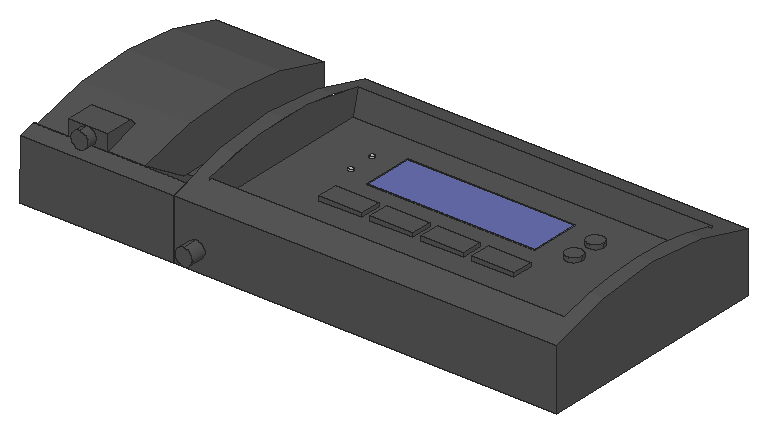
Revit family "Electronics_Wall-Stations_Biamp_Vocia_Emergency-Wall-Paging-Station_EWS-4_10__", category Communication Devices, host Face, Revit 2020
Family settings
  Host = Face
  Maintain Annotation Orientation = No
  Round Connector Dimension = Use Diameter
  Part Type = Normal
  OmniClass Number = 23.85.10.11.14
  OmniClass Title = Audio Equipment
  Cut with Voids When Loaded = No
  Shared = No
  Room Calculation Point = No
Parameters (values of type "EWS-4")
  Width = 0' - 11.9"
  Weight = 2.60 lbf
  Voltage = 0 V
  THD+N = "100Hz ~ 8kHz: <0.05%"  # constant formula
  System Headroom = "18dB"  # constant formula
  Sample Rate = "48kHz"  # constant formula
  RS-232 = "57600 kbps"  # constant formula
  Product data url = "https://www.bimobject.com/biamp/product/vocia-ews-4_wall-station"
  Power Factor = 1
  PTT = "Switch contact between pin and ground "  # constant formula
  Number of Poles = 1
  Network Connection = "RJ-45 with shielded Ethernet (CAT5, CAT5e, CAT6 or CAT7"  # constant formula
  Microphone Type = "Noise cancelling dynamic microphone with dual transducer (monitored)"  # constant formula
  Microphone Pattern = "Cardioid"  # constant formula
  Microphone Frequency Response = "100Hz-10kHz"  # constant formula
  Microphone Cord Length = 4' - 0"  # constant formula
  Maximum Input = "125dB SPL"  # constant formula
  Max Power Consumption = 0 W
  Input Impedance = "3 kohm"  # constant formula
  Humidity = "0-95% relative humidity (non-condensing)"  # constant formula
  Housing Material = Biamp - Plastic - Black
  Height = 0' - 5.3"
  Gain = "Adjustable in 1dB steps over a 30dB range"  # constant formula
  Frequency Response = "100Hz ~ 20kHz: +0, -1dB"  # constant formula
  Effective Input Headroom = "30dB"  # constant formula
  EWS-4 = yes
  EWS-10 = no
  URL = "https://www.biamp.com/"
  Temperature Range = "23 - 104° F (-5 – 40° C) "  # constant formula
  Product Page URL = "https://www.biamp.com/products/product-families/vocia/vocia-wall-stations#vocia-ews-4"
  Product Documentation Link = "https://downloads.biamp.com/assets/docs/default-source/data-sheets/biamp_data_sheet_vocia_ews-4_oct18.pdf"
  Model = "Vocia EWS-4"
  Manufacturer = "Biamp"  # constant formula
  Description = "Vocia® EWS-4 Emergency Wall Paging Station"
  Depth = 0' - 1.9"
  Default Elevation = 4' - 0"
  Connector Description = "PoE 802.3af Class 2 "  # constant formula
  Compliance = "EN 54-16 certified CE marked (Europe) RCM (Australia) EAC (Eurasian Customs Union) RINA (Italy) RoHS Directive (Europe) EN 60849, AS 60849 verified\r"  # constant formula
  Balanced Line In = "-10dB Nominal"  # constant formula
  Apparent Load = Max Power Consumption / Power Factor  # 0 VA
  Altitude = "0-10,000 ft (0-3000m) MSL"  # constant formula
  A/D Converters = "24-bit"  # constant formula
  12V DC Out = "50mA"  # constant formula
Reference planes (in)
  plane 1 "Center (Front/Back)": y = 0
  plane 2: z = 0
  plane 3 "Center (Left/Right)": x = 0
  plane 4: x = -5.95
  plane 5: x = 5.95
  plane 6: y = 2.65
  plane 7: y = -2.65
  plane 8: z = 1.9
Forms (in)
  Extrusion 1, solid, material "Biamp - Plastic - Black" <- "Housing Material", detail levels fine
    sketch origin (0, 0, 0) x (0, 1, 0) y (0, 0, 1)
      loop
        line (2.65, 0.0625) -> (2.65, 0.36) -> (-0.45, 0.36) -> (-2.28, 1.5) -> (-2.65, 1.4) -> (-2.65, 0.0625) -> (2.65, 0.0625)
    from -5.95 to -2.55
  Extrusion 2, solid, material "Biamp - Plastic - Black" <- "Housing Material", visible <- "EWS-4", detail levels fine
    sketch origin (0, 0, 0) x (0, 1, 0) y (0, 0, 1)
      loop
        line (-2.65, 0.0625) -> (2.65, 0.0625) -> (2.65, 1.4)
        arc (2.65, 1.4) -> (0, 1.9) -> (-2.65, 1.4) r 7.2725
        line (-2.65, 1.4) -> (-2.65, 0.0625)
    from -2.55 to 5.95
  Blend 3, void
    base sketch origin (0, 0, 0) x (1, 0, 0) y (0, 1, 0)
      loop
        line (-2.23, 2.17) -> (-2.23, -2.17) -> (5.63, -2.17) -> (5.63, 2.17) -> (-2.23, 2.17)
    top sketch origin (0, 0, 0) x (1, 0, 0) y (0, 1, 0)
      loop
        line (-2.23, 1.92) -> (-2.23, -1.92) -> (5.63, -1.92) -> (5.63, 1.92) -> (-2.23, 1.92)
    from 2.10853 to 1.073
  Extrusion 4, solid, material "Biamp - Plastic - Black" <- "Housing Material", detail levels fine
    sketch origin (0, 0, 0) x (0, 1, 0) y (0, 0, 1)
      loop
        line (2.65, 0.36) -> (2.65, 1.4)
        arc (2.65, 1.4) -> (0.19407, 1.89731) -> (-2.28, 1.5) r 7.01705
        line (-2.28, 1.5) -> (-1.22751, 0.84435) -> (0.2688, 0.84435)
        arc (0.2688, 0.84435) -> (0.55249, 0.72684) -> (0.67, 0.44315) r 0.4012
        line (0.67, 0.44315) -> (0.67, 0.36) -> (2.65, 0.36)
    from -5.84906 to -3.47
  Extrusion 5, solid, material "Biamp - Plastic - Blue", visible <- "EWS-4", detail levels medium+fine
    sketch origin (0.02, 0, 0) x (1, 0, 0) y (0, 1, 0)
      loop
        line (-0.58, 1.34) -> (-0.58, 0.21) -> (3.1394, 0.21) -> (3.1394, 1.34) -> (-0.58, 1.34)
    from 1.00943 to 1.073
  Extrusion 6, void
    sketch origin (0.02, 0, 0) x (1, 0, 0) y (0, 1, 0)
      loop
        line (-0.58, 0.21) -> (3.1394, 0.21) -> (3.1394, 1.34) -> (-0.58, 1.34) -> (-0.58, 0.21)
    from 1.00943 to 1.073
  Extrusion 7, solid, material "Biamp - Plastic - Black" <- "Housing Material", visible <- "EWS-4", detail levels medium+fine
    sketch origin (0, 0, 1.073) x (1, 0, 0) y (0, 1, 0)
      loop
        line (-0.85, -0.29) -> (-0.85, -0.76) -> (0.1, -0.76) -> (0.1, -0.29) -> (-0.85, -0.29)
      loop
        line (0.28, -0.76) -> (1.23, -0.76) -> (1.23, -0.29) -> (0.28, -0.29) -> (0.28, -0.76)
      loop
        line (1.41, -0.76) -> (2.36, -0.76) -> (2.36, -0.29) -> (1.41, -0.29) -> (1.41, -0.76)
      loop
        line (2.54, -0.76) -> (3.49, -0.76) -> (3.49, -0.29) -> (2.54, -0.29) -> (2.54, -0.76)
    from 0 to 0.08451
  Extrusion 8, solid, material "Biamp - Plastic - Black" <- "Housing Material", visible <- "EWS-4", detail levels medium+fine
    sketch origin (1.75953, 1.23204, 1.073) x (1, 0, 0) y (0, 1, 0)
      loop
        circle (2.10047, -0.20704) r 0.18
      loop
        circle (2.10047, -0.79704) r 0.18
    from 0 to 0.08451
  Extrusion 9, solid, material "Biamp - Plastic - Gray", visible <- "EWS-4", detail levels fine
    sketch origin (1.01047, 1.23204, 1.073) x (-1, 0, 0) y (0, -1, 0)
      loop
        circle (2.10047, 0.20704) r 0.05
      loop
        circle (2.10047, 0.79704) r 0.05
    from 0 to 0.02401
  Extrusion 10, void
    sketch origin (0, 0, 0) x (1, 0, 0) y (0, 0, 1)
      loop
        line (-5.39351, 0.36) -> (-5.39351, 0.31544)
        arc (-5.39351, 0.31544) -> (-5.35804, 0.22983) -> (-5.27243, 0.19437) r 0.12108
        line (-5.27243, 0.19437) -> (-4.04665, 0.19437)
        arc (-4.04665, 0.19437) -> (-3.96102, 0.22983) -> (-3.92555, 0.31546) r 0.12109
        line (-3.92555, 0.31546) -> (-3.92555, 0.36) -> (-3.47, 0.36) -> (-3.47, 0.44315) -> (-5.84906, 0.44315) -> (-5.84906, 0.36) -> (-5.39351, 0.36)
    from -2.65 to -0.67
  Extrusion 11, solid, material "Biamp - Plastic - Black" <- "Housing Material", detail levels medium
    sketch origin (-5.95, 0, 0) x (0, -1, 0) y (0, 0, 1)
      loop
        line (-2.65, 0.36) -> (-2.65, 0.0625) -> (2.65, 0.0625) -> (2.65, 1.4) -> (2.11947, 1.4) -> (0.45, 0.36) -> (-2.65, 0.36)
    from -3.4 to 0
  Extrusion 12, solid, material "Biamp - Plastic - Black" <- "Housing Material", detail levels medium
    sketch origin (-5.95, 0, 0) x (0, -1, 0) y (0, 0, 1)
      loop
        line (-0.67, 0.36) -> (-0.67, 0.84435) -> (1.22751, 0.84435) -> (2.11947, 1.4) -> (2.65, 1.4) -> (2.65, 1.9) -> (-2.65, 1.9) -> (-2.65, 0.36) -> (-0.67, 0.36)
    from -2.48 to -0.10094
  Extrusion 13, solid, material "Biamp - Plastic - Black" <- "Housing Material", visible <- "EWS-10", detail levels medium
    sketch origin (0, 0, 0) x (0, 1, 0) y (0, 0, 1)
      loop
        line (-2.65, 0.0625) -> (2.65, 0.0625) -> (2.65, 1.9) -> (-2.65, 1.9) -> (-2.65, 0.0625)
    from -2.55 to 5.95
  Extrusion 14, solid, material "Biamp - Plastic - Black" <- "Housing Material", detail levels coarse
    sketch origin (-5.95, 0, 0) x (0, -1, 0) y (0, 0, 1)
      loop
        line (-2.65, 0.0625) -> (2.65, 0.0625) -> (2.65, 0.84435) -> (-2.65, 0.84435) -> (-2.65, 0.0625)
    from -3.4 to 0
  Extrusion 15, solid, material "Biamp - Plastic - Black" <- "Housing Material", detail levels coarse
    sketch origin (-5.95, 0, 0) x (0, -1, 0) y (0, 0, 1)
      loop
        line (-2.65, 1.9) -> (-2.65, 0.84435) -> (2.65, 0.84435) -> (2.65, 1.9) -> (-2.65, 1.9)
    from -2.48 to 0
  Extrusion 16, solid, material "Biamp - Plastic - Black" <- "Housing Material", detail levels coarse
    sketch origin (-5.95, 0, 0) x (0, -1, 0) y (0, 0, 1)
      loop
        line (-2.65, 1.9) -> (-2.65, 0.0625) -> (2.65, 0.0625) -> (2.65, 1.9) -> (-2.65, 1.9)
    from -11.9 to -3.4
  Extrusion 17, solid, material "Biamp - Plastic - Black" <- "Housing Material", visible <- "EWS-10", detail levels fine
    sketch origin (0, 0, 0) x (0, 1, 0) y (0, 0, 1)
      loop
        line (-2.65, 0.0625) -> (2.65, 0.0625) -> (2.65, 1.4)
        arc (2.65, 1.4) -> (0, 1.9) -> (-2.65, 1.4) r 7.2725
        line (-2.65, 1.4) -> (-2.65, 0.0625)
    from -2.55 to 5.95
  Extrusion 18, solid, material "Biamp - Plastic - Blue", visible <- "EWS-10", detail levels medium+fine
    sketch origin (0.02, 0.407, 0) x (1, 0, 0) y (0, 1, 0)
      loop
        line (-0.58, 1.34) -> (-0.58, 0.21) -> (3.1394, 0.21) -> (3.1394, 1.34) -> (-0.58, 1.34)
    from 1.00943 to 1.073
  Extrusion 19, void
    sketch origin (0, 0.09617, 1.073) x (1, 0, 0) y (0, 1, 0)
      loop
        line (-0.56, 1.65083) -> (-0.56, 0.52083) -> (3.1594, 0.52083) -> (3.1594, 1.65083) -> (-0.56, 1.65083)
    from -0.06357 to 0
  Extrusion 20, solid, material "Biamp - Plastic - Black" <- "Housing Material", visible <- "EWS-10", detail levels medium+fine
    sketch origin (1.75953, 1.68079, 1.073) x (1, 0, 0) y (0, 1, 0)
      loop
        circle (2.10047, -0.20704) r 0.18
      loop
        circle (2.10047, -0.79704) r 0.18
    from 0 to 0.08451
  Extrusion 21, solid, material "Biamp - Plastic - Gray", visible <- "EWS-10", detail levels fine
    sketch origin (1.01047, 1.68079, 1.073) x (-1, 0, 0) y (0, -1, 0)
      loop
        circle (2.10047, 0.20704) r 0.05
      loop
        circle (2.10047, 0.79704) r 0.05
    from 0 to 0.02401
  Extrusion 22, solid, material "Biamp - Plastic - Black" <- "Housing Material", visible <- "EWS-4", detail levels medium
    sketch origin (0, 0, 0) x (0, 1, 0) y (0, 0, 1)
      loop
        line (-2.65, 0.0625) -> (2.65, 0.0625) -> (2.65, 1.9) -> (-2.65, 1.9) -> (-2.65, 0.0625)
    from -2.55 to 5.95
  Extrusion 23, solid, material "Biamp - Plastic - Black" <- "Housing Material", visible <- "EWS-10", detail levels medium+fine
    sketch origin (0, 0.62196, 1.073) x (1, 0, 0) y (0, 1, 0)
      loop
        line (-0.232, -0.16809) -> (-0.232, -0.63809) -> (0.718, -0.63809) -> (0.718, -0.16809) -> (-0.232, -0.16809)
      loop
        line (0.903, -0.63809) -> (1.853, -0.63809) -> (1.853, -0.16809) -> (0.903, -0.16809) -> (0.903, -0.63809)
      loop
        line (2.038, -0.63809) -> (2.988, -0.63809) -> (2.988, -0.16809) -> (2.038, -0.16809) -> (2.038, -0.63809)
      loop
        line (-0.232, -0.78709) -> (-0.232, -1.25709) -> (0.718, -1.25709) -> (0.718, -0.78709) -> (-0.232, -0.78709)
      loop
        line (0.903, -1.25709) -> (1.853, -1.25709) -> (1.853, -0.78709) -> (0.903, -0.78709) -> (0.903, -1.25709)
      loop
        line (2.038, -1.25709) -> (2.988, -1.25709) -> (2.988, -0.78709) -> (2.038, -0.78709) -> (2.038, -1.25709)
      loop
        line (-0.232, -1.40609) -> (-0.232, -1.87609) -> (0.718, -1.87609) -> (0.718, -1.40609) -> (-0.232, -1.40609)
      loop
        line (0.903, -1.87609) -> (1.853, -1.87609) -> (1.853, -1.40609) -> (0.903, -1.40609) -> (0.903, -1.87609)
      loop
        line (2.038, -1.87609) -> (2.988, -1.87609) -> (2.988, -1.40609) -> (2.038, -1.40609) -> (2.038, -1.87609)
      loop
        line (0.903, -2.49509) -> (1.853, -2.49509) -> (1.853, -2.02509) -> (0.903, -2.02509) -> (0.903, -2.49509)
    from 0 to 0.08451
  Extrusion 24, solid, material "Biamp - Plastic - Black" <- "Housing Material", detail levels fine
    sketch origin (0, -2.65, 0) x (0, 0, 1) y (-1, 0, 0)
      loop
        circle (0.5055, 2.05) r 0.187
    from 0 to 0.3386
  Extrusion 25, solid, material "Biamp - Plastic - Black" <- "Housing Material", detail levels fine
    sketch origin (-5.95, 0, 0) x (0, -1, 0) y (0, 0, 1)
      loop
        arc (1.51671, 1.72121) -> (1.90149, 1.62142) -> (2.28, 1.5) r 7.01705
        line (2.28, 1.5) -> (2.28, 1.846) -> (1.6415, 1.846) -> (1.51671, 1.72121)
    from -1.64 to -0.78
  Extrusion 26, solid, material "Biamp - Plastic - Black" <- "Housing Material", detail levels fine
    sketch origin (-2.71067, -2.65, 1.21468) x (0, 0, 1) y (-1, 0, 0)
      loop
        circle (0.443, 2.05) r 0.187
    from -0.37 to -0.15678
Cuts and joins
  Extrusion 10 cuts Extrusion 1
  Blend 3, Extrusion 6 cuts Extrusion 2
  Blend 3, Extrusion 19 cuts Extrusion 13
  Blend 3 cuts Extrusion 5
  Blend 3, Extrusion 19 cuts Extrusion 17
  Blend 3, Extrusion 6 cuts Extrusion 22
Lines and regions (in)
  Masking region 1, detail levels fine
    outline origin (0, 0, 0) x (1, 0, 0) y (0, 0, 1)
      loop
        line (5.95, 0.0625) -> (5.95, 1.9) -> (5.63, 1.9) -> (5.63, 1.60551) -> (-2.23, 1.60551) -> (-2.23, 1.9) -> (-2.55, 1.9) -> (-2.55, 1.5) -> (-3.47, 1.5) -> (-3.47, 1.89875) -> (-5.84906, 1.89875) -> (-5.84906, 1.5) -> (-5.95, 1.5) -> (-5.95, 0.0625) -> (-5.75, 0.0625) -> (-5.75, 0) -> (5.75, 0) -> (5.75, 0.0625) -> (5.95, 0.0625)
  Masking region 2, detail levels coarse+medium
    outline origin (0, 0, 0) x (1, 0, 0) y (0, 0, 1)
      loop
        line (5.95, 0.0625) -> (5.95, 1.9) -> (-2.55, 1.9) -> (-2.55, 1.4) -> (-3.47, 1.4) -> (-3.47, 1.9) -> (-5.95, 1.9) -> (-5.95, 0.0625) -> (-5.75, 0.0625) -> (-5.75, 0) -> (5.75, 0) -> (5.75, 0.0625) -> (5.95, 0.0625)
  symbolic lines, detail levels medium+fine
    curve 1: line (-2.55, 0, 1.4) -> (5.95, 0, 1.4)
    curve 4: line (-2.55, 0, 0.36) -> (-5.84906, 0, 0.36)
    curve 5: line (-3.47, 0, 0.36) -> (-3.47, 0, 1.89875)
    curve 6: line (-3.47, 0, 1.4) -> (-5.84906, 0, 1.4)
    curve 7: line (-5.84906, 0, 1.89875) -> (-5.84906, 0, 0.36)
    curve 8: line (-3.92555, 0, 0.31546) -> (-3.92555, 0, 0.36)
    curve 9: arc (-4.04665, 0, 0.19437) -> (-3.96102, 0, 0.22983) -> (-3.92555, 0, 0.31546) r 0.12109
    curve 10: line (-5.27243, 0, 0.19437) -> (-4.04665, 0, 0.19437)
    curve 11: arc (-5.39351, 0, 0.31544) -> (-5.35804, 0, 0.22983) -> (-5.27243, 0, 0.19437) r 0.12108
    curve 12: line (-5.39351, 0, 0.36) -> (-5.39351, 0, 0.31544)
  symbolic lines
    curve 2: line (5.75, 0, 0.0625) -> (-5.75, 0, 0.0625)
    curve 3: line (-2.55, 0, 1.9) -> (-2.55, 0, 0.0625)
  symbolic lines, detail levels coarse
    curve 13: line (-3.47, 0, 0.84435) -> (-5.95, 0, 0.84435)
    curve 14: line (-3.47, 0, 1.89875) -> (-3.47, 0, 0.0625)
Dimensions and locks (in)
  equal spacing: plane 4, plane 3 "Center (Left/Right)", plane 5
  "Width": plane 4 to plane 5
  equal spacing: plane 6, plane 1 "Center (Front/Back)", plane 7
  "Height": plane 6 to plane 7
  "Depth": plane 8 to level
  aligned and locked: plane 2 to host face
  aligned and locked: level to host face
  aligned and locked: Extrusion 1 sketch curve to plane 6
  aligned and locked: Extrusion 1 sketch curve to plane 7
  aligned and locked: Extrusion 2 sketch curve to plane 6
  aligned and locked: Extrusion 2 sketch curve to plane 7
  aligned and locked: plane 5 to Extrusion 2
  aligned and locked: Extrusion 4 sketch curve to plane 6
  aligned and locked: Extrusion 6 sketch curve to Extrusion 5
  aligned and locked: Extrusion 5 to Extrusion 6 sketch curve
  aligned and locked: Extrusion 11 to plane 4
  aligned and locked: plane 8 to Extrusion 12 sketch curve
  aligned and locked: Extrusion 13 sketch curve to Extrusion 12  (x2)
  aligned and locked: plane 5 to Extrusion 13
  aligned and locked: cut or joined group of Blend 3, Extrusion 13, Extrusion 19 to Extrusion 14 sketch curve
  aligned and locked: Extrusion 14 sketch curve to plane 7
  aligned and locked: Extrusion 14 to plane 4
  aligned and locked: Extrusion 15 sketch curve to Extrusion 12
  aligned and locked: Extrusion 15 sketch curve to cut or joined group of Blend 3, Extrusion 13, Extrusion 19
  aligned and locked: Extrusion 15 sketch curve to Extrusion 14  (x2)
  aligned and locked: Extrusion 15 to plane 4
  aligned and locked: Extrusion 16 sketch curve to Extrusion 12
  aligned and locked: Extrusion 16 sketch curve to cut or joined group of Blend 3, Extrusion 13, Extrusion 19  (x2)
  aligned and locked: plane 5 to Extrusion 16
  aligned and locked: Extrusion 19 sketch curve to Extrusion 18  (x3)
  aligned and locked: Extrusion 13 to nested 1
  aligned and locked: Extrusion 16 to nested 1
  aligned and locked: Extrusion 14 to nested 1
  aligned and locked: Extrusion 22 to nested 1
  aligned and locked: Masking region 1 sketch curve to cut or joined group of Extrusion 2, Blend 3, Extrusion 6
  aligned and locked: curve 2 to nested 1
  aligned and locked: curve 3 to cut or joined group of Extrusion 2, Blend 3, Extrusion 6
  aligned and locked: curve 4 to cut or joined group of Extrusion 1, Extrusion 10
Automatic sketch dimensions
  host sketch curve to host sketch curve = 8' - 0"  (x2)
  plane 7 to Extrusion 1 sketch curve = 0' - 0.37"
  plane 1 "Center (Front/Back)" to Extrusion 1 sketch curve = 0' - 0.45"
  level to Extrusion 1 sketch curve = 0' - 0.36"
  Extrusion 1 sketch curve to plane 8 = 0' - 0 1/2"
  Extrusion 1 sketch curve to Extrusion 1 sketch curve = 0' - 0.1"
  Extrusion 2 sketch curve to plane 1 "Center (Front/Back)" = 0' - 0"
  Extrusion 2 sketch curve to level = 0' - 5.3725"
  Extrusion 2 sketch curve to plane 8 = 0' - 0 1/2"
  plane 7 to Blend 3 sketch curve = 0' - 0.48"
  Blend 3 sketch curve to plane 3 "Center (Left/Right)" = 0' - 2.23"  (x2)
  Blend 3 sketch curve to plane 5 = 0' - 0.32"  (x2)
  Blend 3 sketch curve to plane 6 = 0' - 0.48"
  plane 7 to Blend 3 sketch curve = 0' - 0.73"
  Blend 3 sketch curve to plane 6 = 0' - 0.73"
  Extrusion 4 sketch curve to plane 1 "Center (Front/Back)" = 0' - 0.67"
  Extrusion 4 sketch curve to plane 1 "Center (Front/Back)" = 0' - 0.2688"
  Extrusion 4 sketch curve to plane 1 "Center (Front/Back)" = 0' - 0.05177"
  plane 1 "Center (Front/Back)" to Extrusion 4 sketch curve = 0' - 1.22751"
  plane 7 to Extrusion 4 sketch curve = 0' - 0.37"
  Extrusion 4 sketch curve to level = 0' - 5.1183"
  level to Extrusion 4 sketch curve = 0' - 0.36"
  Extrusion 4 sketch curve to Extrusion 4 sketch curve = 0' - 0.08315"
  Extrusion 4 sketch curve to plane 8 = 0' - 0 1/2"
  Extrusion 5 sketch curve to plane 1 "Center (Front/Back)" = 0' - 0.21"
  Extrusion 5 sketch curve to plane 3 "Center (Left/Right)" = 0' - 0.56"
  Extrusion 5 sketch curve to plane 5 = 0' - 2.7906"
  Extrusion 5 sketch curve to Extrusion 5 sketch curve = 0' - 1.13"
  Extrusion 6 sketch curve to plane 3 "Center (Left/Right)" = 0' - 0.56"
  Extrusion 6 sketch curve to plane 5 = 0' - 2.7906"
  Extrusion 7 sketch curve to Blend 3 = 0' - 1.38"
  Extrusion 7 sketch curve to Extrusion 7 sketch curve = 0' - 0.95"  (x4)
  Extrusion 7 sketch curve to Extrusion 7 sketch curve = 0' - 0.18"  (x3)
  Extrusion 7 sketch curve to Blend 3 = 0' - 1.16"  (x2)
  Extrusion 7 sketch curve to Extrusion 7 sketch curve = 0' - 0"  (x4)
  Extrusion 7 sketch curve to Extrusion 7 sketch curve = 0' - 0.47"  (x2)
  Extrusion 8 sketch curve to Blend 3 = 0' - 1.77"
  Extrusion 8 sketch curve to Extrusion 8 sketch curve = 0' - 0"
  Extrusion 8 sketch curve to Blend 3 = 0' - 1.485"
  Extrusion 8 sketch curve to Extrusion 8 sketch curve = 0' - 0.59"
  Extrusion 9 sketch curve to Blend 3 = 0' - 1.14"
  Extrusion 9 sketch curve to Extrusion 9 sketch curve = 0' - 0"
  Extrusion 9 sketch curve to Blend 3 = 0' - 0.895"
  Extrusion 9 sketch curve to Extrusion 9 sketch curve = 0' - 0.59"
  plane 4 to Extrusion 10 sketch curve = 0' - 0.10094"
  Extrusion 10 sketch curve to Extrusion 10 sketch curve = 0' - 0.45555"  (x2)
  Extrusion 10 sketch curve to Extrusion 10 sketch curve = 0' - 0 31/256"  (x2)
  level to Extrusion 10 sketch curve = 0' - 0.31546"
  Extrusion 10 sketch curve to Extrusion 10 sketch curve = 0' - 1.22578"
  level to Extrusion 10 sketch curve = 0' - 0.36"
  Extrusion 10 sketch curve to Extrusion 10 sketch curve = 0' - 0.04456"
  Extrusion 10 sketch curve to Extrusion 10 sketch curve = 0' - 0.08315"
  Extrusion 12 sketch curve to Extrusion 12 sketch curve = 0' - 1.89751"
  level to Extrusion 17 sketch curve = 0' - 0 1/16"
  Extrusion 17 sketch curve to plane 7 = 0' - 0"
  Extrusion 17 sketch curve to plane 1 "Center (Front/Back)" = 0' - 0"
  Extrusion 17 sketch curve to plane 6 = 0' - 0"
  Extrusion 17 sketch curve to level = 0' - 5.3725"
  Extrusion 17 sketch curve to plane 8 = 0' - 0 1/2"
  Extrusion 18 sketch curve to plane 3 "Center (Left/Right)" = 0' - 0.56"
  Extrusion 18 sketch curve to plane 1 "Center (Front/Back)" = 0' - 0.617"
  Extrusion 18 sketch curve to plane 5 = 0' - 2.7906"
  Extrusion 18 sketch curve to plane 6 = 0' - 0.903"
  Extrusion 19 sketch curve to Blend 3 = 0' - 2.4706"
  Extrusion 20 sketch curve to Blend 3 = 0' - 1.77"
  Extrusion 20 sketch curve to Extrusion 20 sketch curve = 0' - 0"
  Extrusion 20 sketch curve to Blend 3 = 0' - 1.03625"
  Extrusion 20 sketch curve to Blend 3 = 0' - 0.44625"
  Extrusion 21 sketch curve to Blend 3 = 0' - 1.14"
  Extrusion 21 sketch curve to Extrusion 21 sketch curve = 0' - 0"
  Extrusion 21 sketch curve to Blend 3 = 0' - 0.44625"
  Extrusion 21 sketch curve to Extrusion 21 sketch curve = 0' - 0.59"
  Extrusion 22 sketch curve to plane 7 = 0' - 0"
  Extrusion 22 sketch curve to plane 6 = 0' - 0"
  level to Extrusion 22 sketch curve = 0' - 0 1/16"
  Extrusion 22 sketch curve to plane 8 = 0' - 0"
  Extrusion 23 sketch curve to Blend 3 = 0' - 1.998"
  Extrusion 23 sketch curve to Extrusion 23 sketch curve = 0' - 0"  (x17)
  Extrusion 23 sketch curve to Extrusion 23 sketch curve = 0' - 0.95"  (x4)
  Extrusion 23 sketch curve to Extrusion 23 sketch curve = 0' - 0.185"  (x4)
  Extrusion 23 sketch curve to Blend 3 = 0' - 0 3/64"
  Extrusion 23 sketch curve to Extrusion 23 sketch curve = 0' - 0.47"  (x4)
  Extrusion 23 sketch curve to Extrusion 23 sketch curve = 0' - 0.149"  (x8)
  Extrusion 23 sketch curve to Blend 3 = 0' - 0.66588"
  Extrusion 24 sketch curve to Extrusion 17 = 0' - 0.443"
  Extrusion 17 to Extrusion 24 sketch curve = 0' - 0 1/2"
  Extrusion 25 sketch curve to Extrusion 25 sketch curve = 0' - 0.6385"
  Extrusion 25 sketch curve to Extrusion 25 sketch curve = 0' - 0.12479"  (x2)
  Extrusion 26 sketch curve to Extrusion 17 = 0' - 0.25768"
  Extrusion 26 sketch curve to Extrusion 17 = 0' - 2.21067"
  level to Extrusion 2 sketch curve = 0' - 0 1/16"
  level to Extrusion 11 sketch curve = 0' - 0 1/16"
  Extrusion 11 sketch curve to plane 6 = 0' - 0"
  Extrusion 11 sketch curve to plane 7 = 0' - 0"
  plane 1 "Center (Front/Back)" to Extrusion 11 sketch curve = 0' - 0.45"
  plane 7 to Extrusion 11 sketch curve = 0' - 0.53053"
  Extrusion 11 sketch curve to Extrusion 11 sketch curve = 0' - 0.2975"
  Extrusion 11 sketch curve to plane 8 = 0' - 0 1/2"
  Extrusion 12 sketch curve to plane 6 = 0' - 0"
  Extrusion 12 sketch curve to plane 7 = 0' - 0"
  Extrusion 12 sketch curve to plane 1 "Center (Front/Back)" = 0' - 0.67"
  plane 7 to Extrusion 12 sketch curve = 0' - 0.53053"
  Extrusion 12 sketch curve to plane 8 = 0' - 0 1/2"
  level to Extrusion 12 sketch curve = 0' - 0.84435"
  level to Extrusion 12 sketch curve = 0' - 0.36"
  Extrusion 13 sketch curve to plane 7 = 0' - 0"
  level to Extrusion 13 sketch curve = 0' - 0 1/16"
  level to Extrusion 14 sketch curve = 0' - 0 1/16"
  Extrusion 14 sketch curve to Extrusion 14 sketch curve = 0' - 0.78185"
  level to Extrusion 16 sketch curve = 0' - 0 1/16"
  Extrusion 25 sketch curve to plane 1 "Center (Front/Back)" = 0' - 0.05177"
  Extrusion 25 sketch curve to plane 8 = 0' - 0.17879"
  plane 7 to Extrusion 25 sketch curve = 0' - 1.13329"
  Extrusion 25 sketch curve to Extrusion 25 sketch curve = 0' - 0.346"
  level to Extrusion 1 sketch curve = 0' - 0 1/16"
  Masking region 1 sketch curve to plane 4 = 0' - 0"
  Masking region 1 sketch curve to level = 0' - 0"
  Masking region 1 sketch curve to plane 8 = 0' - 0"  (x2)
  Masking region 1 sketch curve to Masking region 1 sketch curve = 0' - 0.10094"
  level to Masking region 1 sketch curve = 0' - 0 1/16"  (x2)
  Masking region 1 sketch curve to Masking region 1 sketch curve = 0' - 0.2"
  Masking region 1 sketch curve to plane 8 = 0' - 0.4"  (x2)
  Masking region 1 sketch curve to Masking region 1 sketch curve = 0' - 2.37906"
  Masking region 1 sketch curve to Masking region 1 sketch curve = 0' - 0.92"
  Masking region 1 sketch curve to Masking region 1 sketch curve = 0' - 0.32"
  Masking region 1 sketch curve to plane 5 = 0' - 0.32"
  Masking region 1 sketch curve to plane 5 = 0' - 0.2"
  Masking region 1 sketch curve to plane 8 = 0' - 0.29449"
  Masking region 1 sketch curve to plane 8 = 0' - 0.00125"
  Masking region 2 sketch curve to plane 4 = 0' - 0"
  Masking region 2 sketch curve to level = 0' - 0"
  Masking region 2 sketch curve to plane 8 = 0' - 0"  (x2)
  Masking region 2 sketch curve to plane 5 = 0' - 0"
  plane 4 to Masking region 2 sketch curve = 0' - 0.2"
  Masking region 2 sketch curve to plane 8 = 0' - 0 1/2"
  plane 4 to Masking region 2 sketch curve = 0' - 2.48"
  Masking region 2 sketch curve to Masking region 2 sketch curve = 0' - 0.92"
  level to Masking region 2 sketch curve = 0' - 0 1/16"  (x2)
  Masking region 2 sketch curve to plane 5 = 0' - 0.2"
  curve 13 to plane 4 = 0' - 0"
  curve 1 to plane 5 = 0' - 0"
  curve 3 to plane 8 = 0' - 0"
  plane 4 to curve 7 = 0' - 0.10094"
  curve 4 to curve 12 = 0' - 0.45555"
  curve 12 to curve 10 = 0' - 0 31/256"
  level to curve 10 = 0' - 0.19437"
  curve 10 to curve 10 = 0' - 1.22578"
  curve 9 to curve 8 = 0' - 0 31/256"
  plane 4 to curve 2 = 0' - 0.2"
  curve 8 to curve 5 = 0' - 0.45555"
  curve 2 to plane 5 = 0' - 0.2"
  curve 4 to curve 13 = 0' - 0.48435"
  curve 6 to plane 8 = 0' - 0 1/2"
  curve 1 to plane 8 = 0' - 0 1/2"
  curve 5 to plane 8 = 0' - 0.00125"
  curve 7 to plane 8 = 0' - 0.00125"
  radius of Extrusion 8 sketch curve = 0' - 0.18"  (x2)
  radius of Extrusion 9 sketch curve = 0' - 0.05"  (x2)
  radius of Extrusion 20 sketch curve = 0' - 0.18"  (x2)
  radius of Extrusion 21 sketch curve = 0' - 0.05"  (x2)
  radius of Extrusion 24 sketch curve = 0' - 0.187"
  radius of Extrusion 26 sketch curve = 0' - 0.187"
Nested families (in)
  nested 1: "Biamp_Vocia_Wall-Stations_Bracket" at (0, 0, 0), type "Biamp_Vocia_Wall-Stations_Bracket"
Connectors (in)
  electrical at (-2.48429, -0.33143, 0), driven by "Connector Description", driven by "Power Factor", driven by "Apparent Load", driven by "Voltage", driven by "Number of Poles"
    settings: on nested 1, index 4, voltage 0 V, apparent load 0 VA, apparent load phase1 0 VA, apparent load phase2 0 VA, apparent load phase3 0 VA, power factor 1, load classification "Other", number of poles 1, system type 31, power factor state 1, is connector primary yes, connector utility no, sub classification motor no, connector description "PoE 802.3af Class 2 "
  electrical at (-3.57, 0.11, 0), driven by "Power Factor", driven by "Apparent Load", driven by "Voltage", driven by "Number of Poles"
    settings: on nested 1, index 5, voltage 0 V, apparent load 0 VA, apparent load phase1 0 VA, apparent load phase2 0 VA, apparent load phase3 0 VA, power factor 1, load classification "Other", number of poles 1, system type 30, power factor state 1, is connector primary no, connector utility no, sub classification motor no, connector description "AUX; 24V DC 6W"
Definition of nested family "Biamp_Vocia_Wall-Stations_Bracket"
  Parameters (values of type "Biamp_Vocia_Wall-Stations_Bracket")
    Width = 0' - 11 1/2"
    Weight = 0.00 lbf
    Product Page URL = ""
    Product Documentation Link = ""
    Power = ""
    Material Case = none
    Height = 0' - 0"
    Height_2 = 0' - 0"
    Depth = 0' - 5"
    Default Elevation = 4' - 0"
  Reference planes (in)
    plane 1 "Center (Front/Back)": y = 0
    plane 2: z = 0
    plane 3 "Center (Left/Right)": x = 0
    plane 4: x = -5.75
    plane 5: x = 5.75
    plane 6: y = 2.5
    plane 7: y = -2.5
  Forms (in)
    Extrusion 1, solid
      sketch origin (0, 0, 0) x (1, 0, 0) y (0, 1, 0)
        loop
          line (-48, 48) -> (-48, -48) -> (48, -48) -> (48, 48) -> (-48, 48)
      from 0 to -12
    Extrusion 2, solid, material <- "Material Case", detail levels medium
      sketch origin (0, 0, 0) x (1, 0, 0) y (0, 1, 0)
        loop
          line (-5.75, -2.5) -> (-4.31, -2.5) -> (-4.31, -2.4) -> (-3.67, -2.4) -> (-3.67, -1.64) -> (-3.47, -1.64) -> (-3.47, -2.5) -> (5.75, -2.5) -> (5.75, 2.5) -> (-2.47, 2.5) -> (-2.47, 2.42) -> (-3.47, 2.42) -> (-3.47, 1.8) -> (-5.75, 1.8) -> (-5.75, -2.5)
        loop
          line (-3.67, -0.88) -> (-3.47, -0.88) -> (-3.47, 1.1) -> (-3.67, 1.1) -> (-3.67, -0.88)
        loop
          line (-2.67, -0.86) -> (-2.67, -1.84) -> (-1.49, -1.84) -> (-1.49, -0.86) -> (-2.67, -0.86)
      from 0 to 0.0625
    Extrusion 3, solid, material <- "Material Case", detail levels coarse
      sketch origin (0, 0, 0) x (1, 0, 0) y (0, 1, 0)
        loop
          line (-5.75, 2.5) -> (-5.75, -2.5) -> (5.75, -2.5) -> (5.75, 2.5) -> (-5.75, 2.5)
      from 0 to 0.0625
    Extrusion 4, solid, material <- "Material Case", detail levels fine
      sketch origin (0, 0, 0) x (1, 0, 0) y (0, 1, 0)
        loop
          line (-5.75, -2.5) -> (-4.31, -2.5) -> (-4.31, -2.4) -> (-3.67, -2.4) -> (-3.67, -1.64) -> (-3.47, -1.64) -> (-3.47, -2.5) -> (5.75, -2.5) -> (5.75, 2.5) -> (-2.47, 2.5) -> (-2.47, 2.42) -> (-3.47, 2.42) -> (-3.47, 1.8) -> (-5.75, 1.8) -> (-5.75, -2.5)
        loop
          circle (-4.61, -1.81) r 0.09
        loop
          circle (-4.61, -0.41) r 0.09
        loop
          arc (-5.13007, 0.18627) -> (-5.22627, 0.28993) -> (-5.32993, 0.19373) r 0.1
          line (-5.32993, 0.19373) -> (-5.32993, -0.03373)
          arc (-5.32993, -0.03373) -> (-5.22627, -0.12993) -> (-5.13007, -0.02627) r 0.1
          line (-5.13007, -0.02627) -> (-5.13007, 0.18627)
        loop
          arc (-3.89007, 0.19373) -> (-3.99373, 0.28993) -> (-4.08993, 0.18627) r 0.1
          line (-4.08993, 0.18627) -> (-4.08993, -0.02627)
          arc (-4.08993, -0.02627) -> (-3.99373, -0.12993) -> (-3.89007, -0.03373) r 0.1
          line (-3.89007, -0.03373) -> (-3.89007, 0.19373)
        loop
          circle (-4.61, 0.19) r 0.09
        loop
          circle (-4.61, 1.15) r 0.09
        loop
          circle (-4.61, 1.43) r 0.09
        loop
          arc (-1.86373, 1.53014) -> (-1.76007, 1.62634) -> (-1.85627, 1.73) r 0.1
          line (-1.85627, 1.73) -> (-2.08373, 1.73)
          arc (-2.08373, 1.73) -> (-2.17993, 1.62634) -> (-2.07627, 1.53014) r 0.1
          line (-2.07627, 1.53014) -> (-1.86373, 1.53014)
        loop
          circle (-1.97, 1.99) r 0.09
        loop
          arc (-0.06373, 1.53014) -> (0.03993, 1.62634) -> (-0.05627, 1.73) r 0.1
          line (-0.05627, 1.73) -> (-0.28373, 1.73)
          arc (-0.28373, 1.73) -> (-0.37993, 1.62634) -> (-0.27627, 1.53014) r 0.1
          line (-0.27627, 1.53014) -> (-0.06373, 1.53014)
        loop
          circle (-0.17, 1.99) r 0.09
        loop
          arc (1.73627, 1.53014) -> (1.83993, 1.62634) -> (1.74373, 1.73) r 0.1
          line (1.74373, 1.73) -> (1.51627, 1.73)
          arc (1.51627, 1.73) -> (1.42007, 1.62634) -> (1.52373, 1.53014) r 0.1
          line (1.52373, 1.53014) -> (1.73627, 1.53014)
        loop
          circle (1.63, 1.99) r 0.09
        loop
          arc (3.53627, 1.53014) -> (3.63993, 1.62634) -> (3.54373, 1.73) r 0.1
          line (3.54373, 1.73) -> (3.31627, 1.73)
          arc (3.31627, 1.73) -> (3.22007, 1.62634) -> (3.32373, 1.53014) r 0.1
          line (3.32373, 1.53014) -> (3.53627, 1.53014)
        loop
          circle (3.43, 1.99) r 0.09
        loop
          arc (5.33627, 1.53014) -> (5.43993, 1.62634) -> (5.34373, 1.73) r 0.1
          line (5.34373, 1.73) -> (5.11627, 1.73)
          arc (5.11627, 1.73) -> (5.02007, 1.62634) -> (5.12373, 1.53014) r 0.1
          line (5.12373, 1.53014) -> (5.33627, 1.53014)
        loop
          circle (5.23, 1.99) r 0.09
        loop
          arc (4.75965, 0.19373) -> (4.65599, 0.28993) -> (4.55979, 0.18627) r 0.1
          line (4.55979, 0.18627) -> (4.55979, -0.02627)
          arc (4.55979, -0.02627) -> (4.65599, -0.12993) -> (4.75965, -0.03373) r 0.1
          line (4.75965, -0.03373) -> (4.75965, 0.19373)
        loop
          arc (4.25979, 0.19373) -> (4.15613, 0.28993) -> (4.05993, 0.18627) r 0.1
          line (4.05993, 0.18627) -> (4.05993, -0.02627)
          arc (4.05993, -0.02627) -> (4.15613, -0.12993) -> (4.25979, -0.03373) r 0.1
          line (4.25979, -0.03373) -> (4.25979, 0.19373)
        loop
          arc (-0.49035, 0.19373) -> (-0.59401, 0.28993) -> (-0.69021, 0.18627) r 0.1
          line (-0.69021, 0.18627) -> (-0.69021, -0.02627)
          arc (-0.69021, -0.02627) -> (-0.59401, -0.12993) -> (-0.49035, -0.03373) r 0.1
          line (-0.49035, -0.03373) -> (-0.49035, 0.19373)
        loop
          arc (-0.99021, 0.19373) -> (-1.09387, 0.28993) -> (-1.19007, 0.18627) r 0.1
          line (-1.19007, 0.18627) -> (-1.19007, -0.02627)
          arc (-1.19007, -0.02627) -> (-1.09387, -0.12993) -> (-0.99021, -0.03373) r 0.1
          line (-0.99021, -0.03373) -> (-0.99021, 0.19373)
        loop
          line (-1.49, -0.86) -> (-2.67, -0.86) -> (-2.67, -1.84) -> (-1.49, -1.84) -> (-1.49, -0.86)
        loop
          line (-3.47, 1.1) -> (-3.67, 1.1) -> (-3.67, -0.88) -> (-3.47, -0.88) -> (-3.47, 1.1)
        loop
          circle (-2.87, -2.14) r 0.08
        loop
          circle (-0.17, -1.99) r 0.09
        loop
          arc (-0.05627, -1.73) -> (0.03993, -1.62634) -> (-0.06373, -1.53014) r 0.1
          line (-0.06373, -1.53014) -> (-0.27627, -1.53014)
          arc (-0.27627, -1.53014) -> (-0.37993, -1.62634) -> (-0.28373, -1.73) r 0.1
          line (-0.28373, -1.73) -> (-0.05627, -1.73)
        loop
          circle (1.63, -1.99) r 0.09
        loop
          arc (1.74373, -1.73) -> (1.83993, -1.62634) -> (1.73627, -1.53014) r 0.1
          line (1.73627, -1.53014) -> (1.52373, -1.53014)
          arc (1.52373, -1.53014) -> (1.42007, -1.62634) -> (1.51627, -1.73) r 0.1
          line (1.51627, -1.73) -> (1.74373, -1.73)
        loop
          circle (3.43, -1.99) r 0.09
        loop
          arc (3.54373, -1.73) -> (3.63993, -1.62634) -> (3.53627, -1.53014) r 0.1
          line (3.53627, -1.53014) -> (3.32373, -1.53014)
          arc (3.32373, -1.53014) -> (3.22007, -1.62634) -> (3.31627, -1.73) r 0.1
          line (3.31627, -1.73) -> (3.54373, -1.73)
        loop
          circle (5.23, -1.99) r 0.09
        loop
          arc (5.34373, -1.73) -> (5.43993, -1.62634) -> (5.33627, -1.53014) r 0.1
          line (5.33627, -1.53014) -> (5.12373, -1.53014)
          arc (5.12373, -1.53014) -> (5.02007, -1.62634) -> (5.11627, -1.73) r 0.1
          line (5.11627, -1.73) -> (5.34373, -1.73)
      from 0 to 0.0625
  Lines and regions (in)
    symbolic lines, detail levels medium+fine
      curve 1: line (-5.75, 1.8, 0) -> (-5.75, -2.5, 0)
      curve 2: line (-5.75, -2.5, 0) -> (-4.31, -2.5, 0)
      curve 3: line (-4.31, -2.5, 0) -> (-4.31, -2.4, 0)
      curve 4: line (-4.31, -2.4, 0) -> (-3.67, -2.4, 0)
      curve 5: line (-3.67, -2.4, 0) -> (-3.67, -1.64, 0)
      curve 6: line (-3.67, -1.64, 0) -> (-3.47, -1.64, 0)
      curve 7: line (-3.47, -1.64, 0) -> (-3.47, -2.5, 0)
      curve 8: line (-3.47, -2.5, 0) -> (5.75, -2.5, 0)
      curve 9: line (5.75, -2.5, 0) -> (5.75, 2.5, 0)
      curve 10: line (5.75, 2.5, 0) -> (-2.47, 2.5, 0)
      curve 11: line (-2.47, 2.5, 0) -> (-2.47, 2.42, 0)
      curve 12: line (-2.47, 2.42, 0) -> (-3.47, 2.42, 0)
      curve 13: line (-3.47, 2.42, 0) -> (-3.47, 1.8, 0)
      curve 14: line (-3.47, 1.8, 0) -> (-5.75, 1.8, 0)
      curve 35: line (-2.67, -1.84, 0) -> (-2.67, -0.86, 0)
      curve 36: line (-2.67, -0.86, 0) -> (-1.49, -0.86, 0)
      curve 37: line (-1.49, -0.86, 0) -> (-1.49, -1.84, 0)
      curve 38: line (-1.49, -1.84, 0) -> (-2.67, -1.84, 0)
      curve 101: line (-1.49, -0.86, 0) -> (-1.49, -1.84, 0)
      curve 102: line (-1.49, -1.84, 0) -> (-2.67, -1.84, 0)
      curve 103: line (-2.67, -1.84, 0) -> (-2.67, -0.86, 0)
      curve 104: line (-2.67, -0.86, 0) -> (-1.49, -0.86, 0)
      curve 105: line (-3.47, 1.1, 0) -> (-3.47, -0.88, 0)
      curve 106: line (-3.47, -0.88, 0) -> (-3.67, -0.88, 0)
      curve 107: line (-3.67, -0.88, 0) -> (-3.67, 1.1, 0)
      curve 108: line (-3.67, 1.1, 0) -> (-3.47, 1.1, 0)
    symbolic lines, detail levels fine
      curve 15: arc (-4.7, 1.43, 0) -> (-4.61, 1.52, 0) -> (-4.52, 1.43, 0) r 0.09
      curve 16: arc (-4.52, 1.43, 0) -> (-4.61, 1.34, 0) -> (-4.7, 1.43, 0) r 0.09
      curve 17: arc (-4.52, 1.15, 0) -> (-4.61, 1.06, 0) -> (-4.7, 1.15, 0) r 0.09
      curve 18: arc (-4.08993, 0.18627, 0) -> (-3.99373, 0.28993, 0) -> (-3.89007, 0.19373, 0) r 0.1
      curve 19: line (-3.89007, 0.19373, 0) -> (-3.89007, -0.03373, 0)
      curve 20: arc (-3.89007, -0.03373, 0) -> (-3.99373, -0.12993, 0) -> (-4.08993, -0.02627, 0) r 0.1
      curve 21: line (-4.08993, -0.02627, 0) -> (-4.08993, 0.18627, 0)
      curve 22: arc (-4.7, 0.19, 0) -> (-4.61, 0.28, 0) -> (-4.52, 0.19, 0) r 0.09
      curve 23: arc (-4.52, 0.19, 0) -> (-4.61, 0.1, 0) -> (-4.7, 0.19, 0) r 0.09
      curve 24: arc (-4.52, 1.15, 0) -> (-4.61, 1.24, 0) -> (-4.7, 1.15, 0) r 0.09
      curve 25: arc (-5.32993, 0.19373, 0) -> (-5.22627, 0.28993, 0) -> (-5.13007, 0.18627, 0) r 0.1
      curve 26: line (-5.13007, 0.18627, 0) -> (-5.13007, -0.02627, 0)
      curve 27: arc (-5.13007, -0.02627, 0) -> (-5.22627, -0.12993, 0) -> (-5.32993, -0.03373, 0) r 0.1
      curve 28: line (-5.32993, -0.03373, 0) -> (-5.32993, 0.19373, 0)
      curve 29: arc (-4.7, -0.41, 0) -> (-4.61, -0.32, 0) -> (-4.52, -0.41, 0) r 0.09
      curve 30: arc (-4.52, -0.41, 0) -> (-4.61, -0.5, 0) -> (-4.7, -0.41, 0) r 0.09
      curve 31: arc (-4.7, -1.81, 0) -> (-4.61, -1.72, 0) -> (-4.52, -1.81, 0) r 0.09
      curve 32: arc (-4.52, -1.81, 0) -> (-4.61, -1.9, 0) -> (-4.7, -1.81, 0) r 0.09
      curve 33: arc (-2.95, -2.14, 0) -> (-2.87, -2.06, 0) -> (-2.79, -2.14, 0) r 0.08
      curve 34: arc (-2.79, -2.14, 0) -> (-2.87, -2.22, 0) -> (-2.95, -2.14, 0) r 0.08
      curve 39: line (-0.27627, -1.53014, 0) -> (-0.06373, -1.53014, 0)
      curve 40: arc (-0.06373, -1.53014, 0) -> (0.03993, -1.62634, 0) -> (-0.05627, -1.73, 0) r 0.1
      curve 41: line (-0.05627, -1.73, 0) -> (-0.28373, -1.73, 0)
      curve 42: arc (-0.28373, -1.73, 0) -> (-0.37993, -1.62634, 0) -> (-0.27627, -1.53014, 0) r 0.1
      curve 43: arc (-0.26, -1.99, 0) -> (-0.17, -1.9, 0) -> (-0.08, -1.99, 0) r 0.09
      curve 44: arc (-0.08, -1.99, 0) -> (-0.17, -2.08, 0) -> (-0.26, -1.99, 0) r 0.09
      curve 45: line (1.52373, -1.53014, 0) -> (1.73627, -1.53014, 0)
      curve 46: arc (1.73627, -1.53014, 0) -> (1.83993, -1.62634, 0) -> (1.74373, -1.73, 0) r 0.1
      curve 47: line (1.74373, -1.73, 0) -> (1.51627, -1.73, 0)
      curve 48: arc (1.51627, -1.73, 0) -> (1.42007, -1.62634, 0) -> (1.52373, -1.53014, 0) r 0.1
      curve 49: arc (1.54, -1.99, 0) -> (1.63, -1.9, 0) -> (1.72, -1.99, 0) r 0.09
      curve 50: arc (1.72, -1.99, 0) -> (1.63, -2.08, 0) -> (1.54, -1.99, 0) r 0.09
      curve 51: line (3.32373, -1.53014, 0) -> (3.53627, -1.53014, 0)
      curve 52: arc (3.53627, -1.53014, 0) -> (3.63993, -1.62634, 0) -> (3.54373, -1.73, 0) r 0.1
      curve 53: line (3.54373, -1.73, 0) -> (3.31627, -1.73, 0)
      curve 54: arc (3.31627, -1.73, 0) -> (3.22007, -1.62634, 0) -> (3.32373, -1.53014, 0) r 0.1
      curve 55: arc (3.34, -1.99, 0) -> (3.43, -1.9, 0) -> (3.52, -1.99, 0) r 0.09
      curve 56: arc (3.52, -1.99, 0) -> (3.43, -2.08, 0) -> (3.34, -1.99, 0) r 0.09
      curve 57: line (5.12373, -1.53014, 0) -> (5.33627, -1.53014, 0)
      curve 58: arc (5.33627, -1.53014, 0) -> (5.43993, -1.62634, 0) -> (5.34373, -1.73, 0) r 0.1
      curve 59: line (5.34373, -1.73, 0) -> (5.11627, -1.73, 0)
      curve 60: arc (5.11627, -1.73, 0) -> (5.02007, -1.62634, 0) -> (5.12373, -1.53014, 0) r 0.1
      curve 61: arc (5.14, -1.99, 0) -> (5.23, -1.9, 0) -> (5.32, -1.99, 0) r 0.09
      curve 62: arc (5.32, -1.99, 0) -> (5.23, -2.08, 0) -> (5.14, -1.99, 0) r 0.09
      curve 63: arc (4.05993, 0.18627, 0) -> (4.15613, 0.28993, 0) -> (4.25979, 0.19373, 0) r 0.1
      curve 64: line (4.25979, 0.19373, 0) -> (4.25979, -0.03373, 0)
      curve 65: arc (4.25979, -0.03373, 0) -> (4.15613, -0.12993, 0) -> (4.05993, -0.02627, 0) r 0.1
      curve 66: line (4.05993, -0.02627, 0) -> (4.05993, 0.18627, 0)
      curve 67: arc (4.55979, 0.18627, 0) -> (4.65599, 0.28993, 0) -> (4.75965, 0.19373, 0) r 0.1
      curve 68: line (4.75965, 0.19373, 0) -> (4.75965, -0.03373, 0)
      curve 69: arc (4.75965, -0.03373, 0) -> (4.65599, -0.12993, 0) -> (4.55979, -0.02627, 0) r 0.1
      curve 70: line (4.55979, -0.02627, 0) -> (4.55979, 0.18627, 0)
      curve 71: arc (-0.69021, 0.18627, 0) -> (-0.59401, 0.28993, 0) -> (-0.49035, 0.19373, 0) r 0.1
      curve 72: line (-0.49035, 0.19373, 0) -> (-0.49035, -0.03373, 0)
      curve 73: arc (-0.49035, -0.03373, 0) -> (-0.59401, -0.12993, 0) -> (-0.69021, -0.02627, 0) r 0.1
      curve 74: line (-0.69021, -0.02627, 0) -> (-0.69021, 0.18627, 0)
      curve 75: arc (-1.19007, 0.18627, 0) -> (-1.09387, 0.28993, 0) -> (-0.99021, 0.19373, 0) r 0.1
      curve 76: line (-0.99021, 0.19373, 0) -> (-0.99021, -0.03373, 0)
      curve 77: arc (-0.99021, -0.03373, 0) -> (-1.09387, -0.12993, 0) -> (-1.19007, -0.02627, 0) r 0.1
      curve 78: line (-1.19007, -0.02627, 0) -> (-1.19007, 0.18627, 0)
      curve 79: line (-2.08373, 1.73, 0) -> (-1.85627, 1.73, 0)
      curve 80: arc (-1.85627, 1.73, 0) -> (-1.76007, 1.62634, 0) -> (-1.86373, 1.53014, 0) r 0.1
      curve 81: line (-1.86373, 1.53014, 0) -> (-2.07627, 1.53014, 0)
      curve 82: arc (-2.07627, 1.53014, 0) -> (-2.17993, 1.62634, 0) -> (-2.08373, 1.73, 0) r 0.1
      curve 83: arc (-2.06, 1.99, 0) -> (-1.97, 2.08, 0) -> (-1.88, 1.99, 0) r 0.09
      curve 84: arc (-1.88, 1.99, 0) -> (-1.97, 1.9, 0) -> (-2.06, 1.99, 0) r 0.09
      curve 85: arc (-0.26, 1.99, 0) -> (-0.17, 2.08, 0) -> (-0.08, 1.99, 0) r 0.09
      curve 86: arc (-0.08, 1.99, 0) -> (-0.17, 1.9, 0) -> (-0.26, 1.99, 0) r 0.09
      curve 87: line (-0.28373, 1.73, 0) -> (-0.05627, 1.73, 0)
      curve 88: arc (-0.05627, 1.73, 0) -> (0.03993, 1.62634, 0) -> (-0.06373, 1.53014, 0) r 0.1
      curve 89: line (-0.06373, 1.53014, 0) -> (-0.27627, 1.53014, 0)
      curve 90: arc (-0.27627, 1.53014, 0) -> (-0.37993, 1.62634, 0) -> (-0.28373, 1.73, 0) r 0.1
      curve 91: arc (1.54, 1.99, 0) -> (1.63, 2.08, 0) -> (1.72, 1.99, 0) r 0.09
      curve 92: arc (1.72, 1.99, 0) -> (1.63, 1.9, 0) -> (1.54, 1.99, 0) r 0.09
      curve 93: arc (3.34, 1.99, 0) -> (3.43, 2.08, 0) -> (3.52, 1.99, 0) r 0.09
      curve 94: arc (3.52, 1.99, 0) -> (3.43, 1.9, 0) -> (3.34, 1.99, 0) r 0.09
      curve 95: arc (5.14, 1.99, 0) -> (5.23, 2.08, 0) -> (5.32, 1.99, 0) r 0.09
      curve 96: arc (5.32, 1.99, 0) -> (5.23, 1.9, 0) -> (5.14, 1.99, 0) r 0.09
      curve 97: line (5.11627, 1.73, 0) -> (5.34373, 1.73, 0)
      curve 98: arc (5.34373, 1.73, 0) -> (5.43993, 1.62634, 0) -> (5.33627, 1.53014, 0) r 0.1
      curve 99: line (5.33627, 1.53014, 0) -> (5.12373, 1.53014, 0)
      curve 100: arc (5.12373, 1.53014, 0) -> (5.02007, 1.62634, 0) -> (5.11627, 1.73, 0) r 0.1
    symbolic lines, detail levels coarse
      curve 109: line (-5.75, 2.5, 0) -> (5.75, 2.5, 0)
      curve 110: line (-5.75, -2.5, 0) -> (-5.75, 2.5, 0)
      curve 111: line (5.75, -2.5, 0) -> (-5.75, -2.5, 0)
      curve 112: line (5.75, 2.5, 0) -> (5.75, -2.5, 0)
  Dimensions and locks (in)
    equal spacing: plane 4, plane 3 "Center (Left/Right)", plane 5
    "Width": plane 4 to plane 5
    equal spacing: plane 6, plane 1 "Center (Front/Back)", plane 7
    "Depth": plane 6 to plane 7
    aligned and locked: plane 2 to Extrusion 1
    aligned and locked: level to Extrusion 1
    aligned and locked: Extrusion 3 sketch curve to plane 6
    aligned and locked: plane 4 to Extrusion 3 sketch curve
    aligned and locked: curve 109 to plane 6
    aligned and locked: plane 4 to curve 110
    aligned and locked: plane 7 to curve 111
    aligned and locked: curve 112 to plane 5
  Automatic sketch dimensions
    Extrusion 1 sketch curve to Extrusion 1 sketch curve = 8' - 0"  (x2)
    Extrusion 2 sketch curve to plane 4 = 0' - 0"
    Extrusion 2 sketch curve to plane 7 = 0' - 0"  (x2)
    Extrusion 2 sketch curve to plane 6 = 0' - 0"
    Extrusion 2 sketch curve to plane 5 = 0' - 0"
    plane 7 to Extrusion 2 sketch curve = 0' - 0.1"
    plane 4 to Extrusion 2 sketch curve = 0' - 1.44"
    Extrusion 2 sketch curve to Extrusion 2 sketch curve = 0' - 0.64"
    plane 4 to Extrusion 2 sketch curve = 0' - 2.08"
    Extrusion 2 sketch curve to plane 6 = 0' - 0.08"
    Extrusion 2 sketch curve to Extrusion 2 sketch curve = 0' - 0.2"  (x3)
    Extrusion 2 sketch curve to Extrusion 2 sketch curve = 0' - 0.8"
    Extrusion 2 sketch curve to Extrusion 2 sketch curve = 0' - 1"
    Extrusion 2 sketch curve to Extrusion 2 sketch curve = 0' - 1.18"
    plane 7 to Extrusion 2 sketch curve = 0' - 0.66"
    Extrusion 2 sketch curve to Extrusion 2 sketch curve = 0' - 0.76"  (x2)
    plane 1 "Center (Front/Back)" to Extrusion 2 sketch curve = 0' - 0.86"
    Extrusion 2 sketch curve to plane 1 "Center (Front/Back)" = 0' - 1.1"
    Extrusion 2 sketch curve to plane 6 = 0' - 0.7"
    plane 1 "Center (Front/Back)" to curve 28 = 0' - 0.03373"
    plane 4 to curve 28 = 0' - 0.42007"
    curve 25 to curve 25 = 0' - 0.09993"
    plane 1 "Center (Front/Back)" to curve 27 = 0' - 0.03"
    curve 27 to curve 27 = 0' - 0.09993"
    plane 1 "Center (Front/Back)" to curve 26 = 0' - 0.02627"
    plane 4 to curve 15 = 0' - 1.14"
    plane 4 to curve 32 = 0' - 1.14"
    curve 26 to curve 30 = 0' - 0.52007"
    curve 17 to curve 15 = 0' - 0"
    curve 23 to plane 1 "Center (Front/Back)" = 0' - 0.19"
    curve 26 to curve 23 = 0' - 0.52007"
    curve 31 to curve 3 = 0' - 0.3"
    plane 1 "Center (Front/Back)" to curve 21 = 0' - 0.02627"
    curve 22 to curve 21 = 0' - 0.52007"
    plane 1 "Center (Front/Back)" to curve 20 = 0' - 0.03"
    curve 21 to curve 20 = 0' - 0.09993"
    curve 18 to curve 18 = 0' - 0.09993"
    plane 1 "Center (Front/Back)" to curve 19 = 0' - 0.03373"
    curve 31 to curve 5 = 0' - 0.94"
    curve 107 to curve 5 = 0' - 0"
    curve 12 to plane 6 = 0' - 0.08"
    curve 107 to curve 12 = 0' - 0.2"
    curve 107 to curve 108 = 0' - 0.2"
    curve 5 to curve 6 = 0' - 0.2"
    curve 7 to curve 34 = 0' - 0.6"
    curve 33 to curve 102 = 0' - 0.2"
    curve 12 to curve 12 = 0' - 1"
    curve 11 to curve 79 = 0' - 0.38627"
    curve 79 to curve 82 = 0' - 0.00373"
    curve 82 to curve 81 = 0' - 0.00373"
    curve 82 to curve 84 = 0' - 0.11373"
    curve 81 to curve 81 = 0' - 0.21254"
    curve 81 to curve 80 = 0' - 0.00373"
    curve 80 to curve 79 = 0' - 0.00373"
    curve 35 to curve 36 = 0' - 1.18"
    curve 78 to plane 1 "Center (Front/Back)" = 0' - 0.18627"
    curve 36 to curve 78 = 0' - 0.29993"
    plane 1 "Center (Front/Back)" to curve 77 = 0' - 0.03"
    curve 78 to curve 77 = 0' - 0.09993"
    curve 75 to curve 75 = 0' - 0.09993"
    curve 75 to curve 76 = 0' - 0.09993"
    plane 1 "Center (Front/Back)" to curve 74 = 0' - 0.02627"
    curve 76 to curve 74 = 0' - 0.3"
    plane 1 "Center (Front/Back)" to curve 73 = 0' - 0.03"
    curve 74 to curve 73 = 0' - 0.09993"
    curve 74 to curve 71 = 0' - 0.09993"
    plane 1 "Center (Front/Back)" to curve 72 = 0' - 0.03373"
    curve 41 to plane 3 "Center (Left/Right)" = 0' - 0.28373"
    curve 87 to plane 3 "Center (Left/Right)" = 0' - 0.28373"
    curve 87 to curve 90 = 0' - 0.00373"
    curve 41 to curve 42 = 0' - 0.00373"
    curve 42 to curve 39 = 0' - 0.00373"
    curve 90 to curve 89 = 0' - 0.00373"
    curve 86 to plane 3 "Center (Left/Right)" = 0' - 0.17"
    curve 43 to plane 3 "Center (Left/Right)" = 0' - 0.17"
    curve 39 to plane 3 "Center (Left/Right)" = 0' - 0.06373"
    curve 89 to plane 3 "Center (Left/Right)" = 0' - 0.06373"
    curve 40 to plane 3 "Center (Left/Right)" = 0' - 0.06"
    curve 88 to plane 3 "Center (Left/Right)" = 0' - 0.06"
    curve 41 to plane 3 "Center (Left/Right)" = 0' - 0.05627"
    curve 87 to plane 3 "Center (Left/Right)" = 0' - 0.05627"
    plane 3 "Center (Left/Right)" to curve 47 = 0' - 1.51627"
    curve 47 to curve 48 = 0' - 0.00373"
    curve 48 to curve 45 = 0' - 0.00373"
    curve 92 to plane 6 = 0' - 0.51"
    plane 3 "Center (Left/Right)" to curve 92 = 0' - 1.63"
    curve 47 to curve 50 = 0' - 0.11373"
    curve 45 to curve 45 = 0' - 0.21254"
    curve 45 to curve 46 = 0' - 0.00373"
    curve 46 to curve 47 = 0' - 0.00373"
    plane 7 to curve 53 = 0' - 0.77"
    curve 47 to curve 53 = 0' - 1.57254"
    curve 53 to curve 54 = 0' - 0.00373"
    curve 54 to curve 51 = 0' - 0.00373"
    curve 93 to plane 6 = 0' - 0.51"
    curve 91 to curve 93 = 0' - 1.8"
    curve 53 to curve 56 = 0' - 0.11373"
    curve 51 to curve 51 = 0' - 0.21254"
    curve 51 to curve 52 = 0' - 0.00373"
    curve 52 to curve 53 = 0' - 0.00373"
    curve 66 to plane 1 "Center (Front/Back)" = 0' - 0.18627"
    curve 66 to plane 5 = 0' - 1.69007"
    plane 1 "Center (Front/Back)" to curve 65 = 0' - 0.03"
    curve 66 to curve 65 = 0' - 0.09993"
    curve 63 to curve 63 = 0' - 0.09993"
    plane 1 "Center (Front/Back)" to curve 64 = 0' - 0.03373"
    curve 65 to curve 64 = 0' - 0.09993"
    plane 1 "Center (Front/Back)" to curve 70 = 0' - 0.02627"
    curve 65 to curve 70 = 0' - 0.3"
    plane 1 "Center (Front/Back)" to curve 69 = 0' - 0.03"
    curve 70 to curve 69 = 0' - 0.09993"
    curve 67 to curve 67 = 0' - 0.09993"
    plane 1 "Center (Front/Back)" to curve 68 = 0' - 0.03373"
    curve 59 to plane 5 = 0' - 0.63373"
    curve 97 to plane 5 = 0' - 0.63373"
    curve 59 to curve 60 = 0' - 0.00373"
    curve 97 to curve 100 = 0' - 0.00373"
    curve 60 to curve 57 = 0' - 0.00373"
    curve 100 to curve 99 = 0' - 0.00373"
    curve 59 to curve 61 = 0' - 0.11373"
    curve 100 to curve 95 = 0' - 0.11373"
    curve 99 to curve 99 = 0' - 0.21254"
    curve 57 to curve 57 = 0' - 0.21254"
    curve 99 to curve 98 = 0' - 0.00373"
    curve 57 to curve 58 = 0' - 0.00373"
    curve 58 to curve 59 = 0' - 0.00373"
    curve 98 to curve 97 = 0' - 0.00373"
    plane 7 to curve 4 = 0' - 0.1"
    plane 7 to curve 34 = 0' - 0.36"
    plane 7 to curve 43 = 0' - 0.51"
    plane 7 to curve 62 = 0' - 0.51"
    plane 7 to curve 49 = 0' - 0.51"
    curve 56 to curve 52 = 0' - 0.26"
    curve 33 to curve 103 = 0' - 0.3"
    curve 3 to curve 32 = 0' - 0.59"
    curve 61 to curve 59 = 0' - 0.26"
    curve 43 to curve 41 = 0' - 0.26"
    curve 49 to curve 47 = 0' - 0.26"
    curve 4 to curve 6 = 0' - 0.76"
    curve 53 to curve 54 = 0' - 0.09993"
    curve 59 to curve 60 = 0' - 0.09993"
    curve 47 to curve 48 = 0' - 0.09993"
    curve 40 to curve 40 = 0' - 0.09993"
    curve 5 to curve 107 = 0' - 0.76"
    curve 105 to curve 35 = 0' - 0.02"
    plane 1 "Center (Front/Back)" to curve 29 = 0' - 0.41"
    plane 1 "Center (Front/Back)" to curve 76 = 0' - 0.03373"
    curve 74 to plane 1 "Center (Front/Back)" = 0' - 0.18627"
    curve 21 to plane 1 "Center (Front/Back)" = 0' - 0.18627"
    curve 26 to plane 1 "Center (Front/Back)" = 0' - 0.18627"
    curve 70 to plane 1 "Center (Front/Back)" = 0' - 0.18627"
    curve 18 to curve 18 = 0' - 0.00373"
    curve 67 to curve 67 = 0' - 0.00373"
    curve 74 to curve 71 = 0' - 0.00373"
    curve 25 to curve 25 = 0' - 0.00373"
    curve 63 to curve 63 = 0' - 0.00373"
    curve 75 to curve 75 = 0' - 0.00373"
    curve 18 to curve 105 = 0' - 0.90627"
    curve 107 to curve 24 = 0' - 0.05"
    curve 17 to curve 16 = 0' - 0.28"
    curve 99 to plane 6 = 0' - 0.96986"
    curve 81 to plane 6 = 0' - 0.96986"
    curve 89 to plane 6 = 0' - 0.96986"
    curve 90 to curve 90 = 0' - 0.09993"
    curve 82 to curve 82 = 0' - 0.09993"
    curve 99 to curve 100 = 0' - 0.09993"
    curve 14 to curve 12 = 0' - 0.62"
    curve 100 to curve 95 = 0' - 0.26"
    curve 82 to curve 83 = 0' - 0.26"
    curve 90 to curve 86 = 0' - 0.26"
    curve 31 to curve 31 = 0' - 0.09"
    curve 30 to curve 29 = 0' - 0.09"
    curve 24 to curve 17 = 0' - 0.09"
    curve 23 to curve 22 = 0' - 0.09"
    curve 16 to curve 15 = 0' - 0.09"
    curve 34 to curve 33 = 0' - 0.08"
    curve 83 to curve 83 = 0' - 0.09"
    curve 44 to curve 43 = 0' - 0.09"
    curve 85 to curve 85 = 0' - 0.09"
    curve 91 to curve 91 = 0' - 0.09"
    curve 50 to curve 49 = 0' - 0.09"
    curve 55 to curve 55 = 0' - 0.09"
    curve 94 to curve 93 = 0' - 0.09"
    curve 95 to curve 95 = 0' - 0.09"
